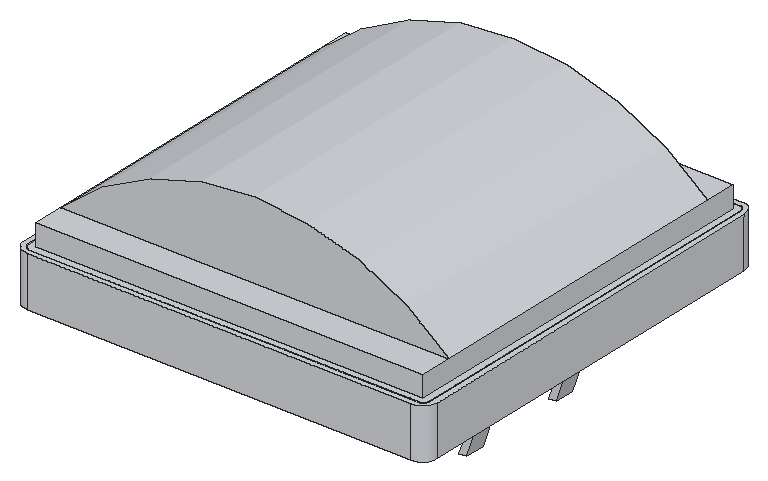
Revit family "Gira_537327", category Electrical Fixtures, host Face, Revit 2017
Family settings
  Host = Face
  Maintain Annotation Orientation = Yes
  Round Connector Dimension = Use Diameter
  Part Type = Normal
  Cut with Voids When Loaded = No
  Shared = No
  Room Calculation Point = No
Parameters (values of type "S3000 motion detec.top 1.10 m Standard System 55 p.white m")
  URL = "http://katalog.gira.de/en/datenblatt.html?artikelnr=537327"
  Name = "S3000 motion detec.top 1.10 m Standard System 55 p.white m"
  Model = "Movement sensor"
  Manufacturer URL = "https://www.gira.de/"
  Manufacturer = "Gira"
  Keynote = ""
  HeinzeBIM = "https://bimportal.heinze.de/bim/s3000-motion-detec-top-1-10-m-standard-system-55-p-white-m/0029f8267e7f32f1215f19380327ee9e9fef9e9a"
  HAN = "537327"
  GTIN = "4010337049821"
  Description = "S3000 mot.det.top 1.10m Std Sys55 PWm,System 3000 motion detector top unit 1.10 m Standard,System 55,pure white matt,Features:,- Automatic switching of lighting, depending on the movement of heat and ambient brightness.,- Operation with System 3000 switching or dimming insert or 3-wire auxiliary insert.,- Expansion of the detection range in combination with the 3-wire auxiliary insert.,- Adjustable brightness threshold.,- Sensitivity adjustable in four steps.,- When connecting a System 3000 auxiliary insert with an operating top unit or mechanical button to the main unit, the lighting can be switched on or dimmed for the duration of the delay time.,With System 3000 dimming insert:,- Switch on with the last brightness set, or a saved switch-on brightness.,- The switch-on brightness can only be saved permanently via the System 3000 auxiliary insert with operating top unit.,,Notes :,- The detection range is aligned horizontally and when used outdoors may fail to identify a boundary. When installing outdoors, find an appropriate location or use the 2.20 m motion detector top unit."
  Default Elevation = 1219.2 mm
  Data sheet (1) = "https://katalog.gira.de/en/download.html?artikelnr=537327"
  Category = "Sensor element for movement sensor"
  BIM (1) = "https://media.stage.bim.site/public/gira/36a6b08/Bewegungsmelder_1,10m.rfa"
  Available = "No"
Reference planes
  plane 1 "Center (Front/Back)": y = 0
  plane 2: z = 0
  plane 3 "Center (Left/Right)": x = 0
Forms (mm)
  Extrusion 1, solid, detail levels fine
    sketch origin (0, 0, 0) x (1, 0, 0) y (0, 0, 1)
      loop
        line (-33.025, 12.126) -> (33.025, 12.126)
        arc (33.025, 12.126) -> (0, 25.3) -> (-33.025, 12.126) r 47.982
    from -27.6 to 27.6
  Extrusion 2, solid, detail levels fine
    sketch origin (0, 0, 0) x (1, 0, 0) y (0, 1, 0)
      loop
        line (33.025, 33.025) -> (-33.025, 33.025) -> (-33.025, -33.025) -> (33.025, -33.025) -> (33.025, 33.025)
    from 8.55 to 12.126
  Extrusion 3, solid, detail levels fine
    sketch origin (0, 0, 0) x (1, 0, 0) y (0, 1, 0)
      loop
        spline (-32.7, 35.2) -> (-33.027, 35.179) -> (-33.347, 35.115) -> (-33.657, 35.01) -> (-33.95, 34.865) -> (-34.222, 34.683) -> (-34.468, 34.468) -> (-34.683, 34.222) -> (-34.865, 33.95) -> (-35.01, 33.657) -> (-35.115, 33.347) -> (-35.179, 33.027) -> (-35.2, 32.7)
        line (-35.2, 32.7) -> (-35.2, -32.7)
        spline (-35.2, -32.7) -> (-35.179, -33.027) -> (-35.115, -33.347) -> (-35.01, -33.657) -> (-34.865, -33.95) -> (-34.683, -34.222) -> (-34.468, -34.468) -> (-34.222, -34.683) -> (-33.95, -34.865) -> (-33.657, -35.01) -> (-33.347, -35.115) -> (-33.027, -35.179) -> (-32.7, -35.2)
        line (-32.7, -35.2) -> (32.7, -35.2)
        spline (32.7, -35.2) -> (33.027, -35.179) -> (33.347, -35.115) -> (33.657, -35.01) -> (33.95, -34.865) -> (34.222, -34.683) -> (34.468, -34.468) -> (34.683, -34.222) -> (34.865, -33.95) -> (35.01, -33.657) -> (35.115, -33.347) -> (35.179, -33.027) -> (35.2, -32.7)
        line (35.2, -32.7) -> (35.2, 32.7)
        spline (35.2, 32.7) -> (35.179, 33.027) -> (35.115, 33.347) -> (35.01, 33.657) -> (34.865, 33.95) -> (34.683, 34.222) -> (34.468, 34.468) -> (34.222, 34.683) -> (33.95, 34.865) -> (33.657, 35.01) -> (33.347, 35.115) -> (33.027, 35.179) -> (32.7, 35.2)
        line (32.7, 35.2) -> (-32.7, 35.2)
      loop
        line (-34.2, 33.2) -> (-34.2, -33.2)
        spline (-34.2, -33.2) -> (-34.191, -33.331) -> (-34.166, -33.459) -> (-34.124, -33.583) -> (-34.066, -33.7) -> (-33.993, -33.809) -> (-33.907, -33.907) -> (-33.809, -33.993) -> (-33.7, -34.066) -> (-33.583, -34.124) -> (-33.459, -34.166) -> (-33.331, -34.191) -> (-33.2, -34.2)
        line (-33.2, -34.2) -> (33.2, -34.2)
        spline (33.2, -34.2) -> (33.331, -34.191) -> (33.459, -34.166) -> (33.583, -34.124) -> (33.7, -34.066) -> (33.809, -33.993) -> (33.907, -33.907) -> (33.993, -33.809) -> (34.066, -33.7) -> (34.124, -33.583) -> (34.166, -33.459) -> (34.191, -33.331) -> (34.2, -33.2)
        line (34.2, -33.2) -> (34.2, 33.2)
        spline (34.2, 33.2) -> (34.191, 33.331) -> (34.166, 33.459) -> (34.124, 33.583) -> (34.066, 33.7) -> (33.993, 33.809) -> (33.907, 33.907) -> (33.809, 33.993) -> (33.7, 34.066) -> (33.583, 34.124) -> (33.459, 34.166) -> (33.331, 34.191) -> (33.2, 34.2)
        line (33.2, 34.2) -> (-33.2, 34.2)
        spline (-33.2, 34.2) -> (-33.331, 34.191) -> (-33.459, 34.166) -> (-33.583, 34.124) -> (-33.7, 34.066) -> (-33.809, 33.993) -> (-33.907, 33.907) -> (-33.993, 33.809) -> (-34.066, 33.7) -> (-34.124, 33.583) -> (-34.166, 33.459) -> (-34.191, 33.331) -> (-34.2, 33.2)
    from 0 to 8.55
  Extrusion 4, solid, detail levels fine
    sketch origin (0, 0, 0) x (1, 0, 0) y (0, 1, 0)
      loop
        line (-34.2, 33.2) -> (-34.2, -33.2)
        spline (-34.2, -33.2) -> (-34.191, -33.331) -> (-34.166, -33.459) -> (-34.124, -33.583) -> (-34.066, -33.7) -> (-33.993, -33.809) -> (-33.907, -33.907) -> (-33.809, -33.993) -> (-33.7, -34.066) -> (-33.583, -34.124) -> (-33.459, -34.166) -> (-33.331, -34.191) -> (-33.2, -34.2)
        line (-33.2, -34.2) -> (33.2, -34.2)
        spline (33.2, -34.2) -> (33.331, -34.191) -> (33.459, -34.166) -> (33.583, -34.124) -> (33.7, -34.066) -> (33.809, -33.993) -> (33.907, -33.907) -> (33.993, -33.809) -> (34.066, -33.7) -> (34.124, -33.583) -> (34.166, -33.459) -> (34.191, -33.331) -> (34.2, -33.2)
        line (34.2, -33.2) -> (34.2, 33.2)
        spline (34.2, 33.2) -> (34.191, 33.331) -> (34.166, 33.459) -> (34.124, 33.583) -> (34.066, 33.7) -> (33.993, 33.809) -> (33.907, 33.907) -> (33.809, 33.993) -> (33.7, 34.066) -> (33.583, 34.124) -> (33.459, 34.166) -> (33.331, 34.191) -> (33.2, 34.2)
        line (33.2, 34.2) -> (-33.2, 34.2)
        spline (-33.2, 34.2) -> (-33.331, 34.191) -> (-33.459, 34.166) -> (-33.583, 34.124) -> (-33.7, 34.066) -> (-33.809, 33.993) -> (-33.907, 33.907) -> (-33.993, 33.809) -> (-34.066, 33.7) -> (-34.124, 33.583) -> (-34.166, 33.459) -> (-34.191, 33.331) -> (-34.2, 33.2)
    from 6.175 to 8.55
  Extrusion 5, solid, detail levels fine
    sketch origin (0, 0, 0) x (1, 0, 0) y (0, 1, 0)
      loop
        spline (-27.7, -27.1) -> (-27.696, -27.165) -> (-27.683, -27.229) -> (-27.662, -27.291) -> (-27.633, -27.35) -> (-27.597, -27.404) -> (-27.554, -27.454) -> (-27.504, -27.497) -> (-27.45, -27.533) -> (-27.391, -27.562) -> (-27.329, -27.583) -> (-27.265, -27.596) -> (-27.2, -27.6)
        line (-27.2, -27.6) -> (27.2, -27.6)
        spline (27.2, -27.6) -> (27.265, -27.596) -> (27.329, -27.583) -> (27.391, -27.562) -> (27.45, -27.533) -> (27.504, -27.497) -> (27.554, -27.454) -> (27.597, -27.404) -> (27.633, -27.35) -> (27.662, -27.291) -> (27.683, -27.229) -> (27.696, -27.165) -> (27.7, -27.1)
        line (27.7, -27.1) -> (27.7, 27.1)
        spline (27.7, 27.1) -> (27.696, 27.165) -> (27.683, 27.229) -> (27.662, 27.291) -> (27.633, 27.35) -> (27.597, 27.404) -> (27.554, 27.454) -> (27.504, 27.497) -> (27.45, 27.533) -> (27.391, 27.562) -> (27.329, 27.583) -> (27.265, 27.596) -> (27.2, 27.6)
        line (27.2, 27.6) -> (-27.2, 27.6)
        spline (-27.2, 27.6) -> (-27.265, 27.596) -> (-27.329, 27.583) -> (-27.391, 27.562) -> (-27.45, 27.533) -> (-27.504, 27.497) -> (-27.554, 27.454) -> (-27.597, 27.404) -> (-27.633, 27.35) -> (-27.662, 27.291) -> (-27.683, 27.229) -> (-27.696, 27.165) -> (-27.7, 27.1)
        line (-27.7, 27.1) -> (-27.7, -27.1)
      loop
        line (26.9, 26.8) -> (-26.9, 26.8) -> (-26.9, -26.8) -> (26.9, -26.8) -> (26.9, 26.8)
    from 0 to 6.175
  Extrusion 6, solid, detail levels fine
    sketch origin (0, 0, 0) x (1, 0, 0) y (0, 1, 0)
      loop
        line (-15.4, -23.928) -> (15.4, -23.928)
        arc (15.4, -23.928) -> (21.43, -21.43) -> (23.928, -15.4) r 8.528
        line (23.928, -15.4) -> (23.928, 15.4)
        arc (23.928, 15.4) -> (21.43, 21.43) -> (15.4, 23.928) r 8.528
        line (15.4, 23.928) -> (-15.4, 23.928)
        arc (-15.4, 23.928) -> (-21.43, 21.43) -> (-23.928, 15.4) r 8.528
        line (-23.928, 15.4) -> (-23.928, -15.4)
        arc (-23.928, -15.4) -> (-21.43, -21.43) -> (-15.4, -23.928) r 8.528
    from -0.985 to 1.6
  Extrusion 7, solid, detail levels fine
    sketch origin (0, 0, 0) x (1, 0, 0) y (0, 1, 0)
      loop
        line (-26.35, 18.301) -> (-26.35, -18.801)
        spline (-26.35, -18.801) -> (-26.286, -19.78) -> (-26.095, -20.742) -> (-25.779, -21.671) -> (-25.345, -22.551) -> (-24.8, -23.366) -> (-24.154, -24.104) -> (-23.416, -24.75) -> (-22.601, -25.295) -> (-21.721, -25.729) -> (-20.792, -26.045) -> (-19.83, -26.236) -> (-18.851, -26.3)
        line (-18.851, -26.3) -> (18.851, -26.3)
        spline (18.851, -26.3) -> (19.83, -26.236) -> (20.792, -26.045) -> (21.721, -25.729) -> (22.601, -25.295) -> (23.416, -24.75) -> (24.154, -24.104) -> (24.8, -23.366) -> (25.345, -22.551) -> (25.779, -21.671) -> (26.094, -20.742) -> (26.286, -19.78) -> (26.35, -18.801)
        line (26.35, -18.801) -> (26.35, 18.301)
        spline (26.35, 18.301) -> (26.286, 19.28) -> (26.094, 20.242) -> (25.779, 21.171) -> (25.345, 22.051) -> (24.8, 22.866) -> (24.154, 23.604) -> (23.416, 24.25) -> (22.601, 24.795) -> (21.721, 25.229) -> (20.792, 25.545) -> (19.83, 25.736) -> (18.851, 25.8)
        line (18.851, 25.8) -> (-18.851, 25.8)
        spline (-18.851, 25.8) -> (-19.83, 25.736) -> (-20.792, 25.545) -> (-21.721, 25.229) -> (-22.601, 24.795) -> (-23.416, 24.25) -> (-24.154, 23.604) -> (-24.8, 22.866) -> (-25.345, 22.051) -> (-25.779, 21.171) -> (-26.095, 20.242) -> (-26.286, 19.28) -> (-26.35, 18.301)
    from 1.6 to 6.1
  Extrusion 8, solid, detail levels fine
    sketch origin (0, 0, 0) x (1, 0, 0) y (0, 0, 1)
      loop
        line (-23.048, -13.343) -> (-21.665, -13.513) -> (-24.338, -6.363) -> (-23.36, 1.6) -> (-25.023, 1.6) -> (-24.975, -1.121) -> (-25.39, -6.541) -> (-23.048, -13.343)
      loop
        line (23.048, -13.343) -> (25.39, -6.541) -> (24.975, -1.121) -> (25.023, 1.6) -> (23.36, 1.6) -> (24.338, -6.363) -> (21.665, -13.513) -> (23.048, -13.343)
    from 7.9 to 11.14
  Extrusion 9, solid, detail levels fine
    sketch origin (0, 0, 0) x (1, 0, 0) y (0, 0, -1)
      loop
        line (-23.048, 13.343) -> (-25.39, 6.541) -> (-24.975, 1.121) -> (-25.023, -1.6) -> (-23.36, -1.6) -> (-24.338, 6.363) -> (-21.665, 13.513) -> (-23.048, 13.343)
      loop
        line (23.048, 13.343) -> (21.665, 13.513) -> (24.338, 6.363) -> (23.36, -1.6) -> (25.023, -1.6) -> (24.975, 1.121) -> (25.39, 6.541) -> (23.048, 13.343)
    from 7.9 to 11.14
  Extrusion 10, solid, detail levels fine
    sketch origin (0, 0, 0) x (1, 0, 0) y (0, 1, 0)
      loop
        line (-5.141, 20.681) -> (-5.141, 15.099)
        spline (-5.141, 15.099) -> (-5.133, 14.968) -> (-5.107, 14.84) -> (-5.065, 14.716) -> (-5.007, 14.599) -> (-4.935, 14.49) -> (-4.849, 14.391) -> (-4.75, 14.305) -> (-4.641, 14.233) -> (-4.524, 14.175) -> (-4.4, 14.133) -> (-4.272, 14.107) -> (-4.141, 14.099)
        line (-4.141, 14.099) -> (4.141, 14.099)
        spline (4.141, 14.099) -> (4.272, 14.107) -> (4.4, 14.133) -> (4.524, 14.175) -> (4.641, 14.233) -> (4.75, 14.305) -> (4.849, 14.391) -> (4.935, 14.49) -> (5.007, 14.599) -> (5.065, 14.716) -> (5.107, 14.84) -> (5.133, 14.968) -> (5.141, 15.099)
        line (5.141, 15.099) -> (5.141, 20.681)
        spline (5.141, 20.681) -> (5.133, 20.812) -> (5.107, 20.94) -> (5.065, 21.064) -> (5.007, 21.181) -> (4.935, 21.29) -> (4.849, 21.389) -> (4.75, 21.475) -> (4.641, 21.547) -> (4.524, 21.605) -> (4.4, 21.647) -> (4.272, 21.673) -> (4.141, 21.681)
        line (4.141, 21.681) -> (-4.141, 21.681)
        spline (-4.141, 21.681) -> (-4.272, 21.673) -> (-4.4, 21.647) -> (-4.524, 21.605) -> (-4.641, 21.547) -> (-4.75, 21.475) -> (-4.849, 21.389) -> (-4.935, 21.29) -> (-5.007, 21.181) -> (-5.065, 21.064) -> (-5.107, 20.94) -> (-5.133, 20.812) -> (-5.141, 20.681)
    from -17.3 to -0.985
  Extrusion 11, solid, detail levels medium
    sketch origin (0, 0, 0) x (1, 0, 0) y (0, 1, 0)
      loop
        line (33.025, 33.025) -> (-33.025, 33.025) -> (-33.025, -33.025) -> (33.025, -33.025) -> (33.025, 33.025)
    from 8.55 to 25.3
  Extrusion 12, solid, detail levels medium
    sketch origin (0, 0, 0) x (1, 0, 0) y (0, 1, 0)
      loop
        line (-35.2, 35.2) -> (-35.2, -35.2) -> (35.2, -35.2) -> (35.2, 35.2) -> (-35.2, 35.2)
    from 0 to 8.55
  Extrusion 13, solid, detail levels medium
    sketch origin (0, 0, 0) x (1, 0, 0) y (0, 0, 1)
      loop
        line (-25.023, 1.6) -> (-25.023, -13.1) -> (-21.665, -13.513) -> (-21.665, 1.6) -> (-25.023, 1.6)
      loop
        line (25.023, 1.6) -> (21.665, 1.6) -> (21.665, -13.513) -> (25.023, -13.1) -> (25.023, 1.6)
    from 8 to 11.14
  Extrusion 14, solid, detail levels medium
    sketch origin (0, 0, 0) x (1, 0, 0) y (0, 0, -1)
      loop
        line (-25.023, -1.6) -> (-21.665, -1.6) -> (-21.665, 13.513) -> (-25.023, 13.1) -> (-25.023, -1.6)
      loop
        line (25.023, -1.6) -> (25.023, 13.1) -> (21.665, 13.513) -> (21.665, -1.6) -> (25.023, -1.6)
    from 8 to 11.14
  Extrusion 15, solid, detail levels medium
    sketch origin (0, 0, 0) x (1, 0, 0) y (0, 1, 0)
      loop
        line (-5.141, 21.681) -> (-5.141, 14.099) -> (5.141, 14.099) -> (5.141, 21.681) -> (-5.141, 21.681)
    from -17.3 to -0.985
  Extrusion 16, solid, detail levels coarse
    sketch origin (0, 0, 0) x (1, 0, 0) y (0, 1, 0)
      loop
        line (-35.2, 35.2) -> (-35.2, -35.2) -> (35.2, -35.2) -> (35.2, 35.2) -> (-35.2, 35.2)
    from -17.3 to 25.3
Dimensions and locks
  aligned and locked: plane 2 to host face
  aligned and locked: level to host face
  aligned and locked: nested 1 to plane 3 "Center (Left/Right)"
  aligned and locked: plane 1 "Center (Front/Back)" to nested 1
Nested families
  nested 1: "Belegungssensor - Bewegung - Aufputz - Beschriftung" at (0, 0, 0) x (0, -1, 0) z (0, 0, 1), type "Belegungssensor - Bewegung - Aufputz - Beschriftung"
Connectors
  electrical at (0, 0, -17.3)
    settings: on Extrusion 16, index 1, voltage 220 V, apparent load 0 VA, apparent load phase1 0 VA, apparent load phase2 0 VA, apparent load phase3 0 VA, power factor 1, load classification "Other", number of poles 1, system type 30, power factor state 1, is connector primary yes, connector utility no, sub classification motor no, connector description ""
Definition of nested family "Belegungssensor - Bewegung - Aufputz - Beschriftung"
  Reference planes
    plane 1: y = 0
    plane 2: x = 0
  Lines and regions (mm)
    Filled region 1, type "Gefüllter Bereich 1"
      outline origin (143.425, -20.712, 0) x (1, 0, 0) y (0, 1, 0)
        loop
          line (-148.697, 21.204) -> (-148.697, 20.409) -> (-147.583, 20.807) -> (-148.697, 21.204)
    Filled region 2, type "Gefüllter Bereich 1"
      outline origin (141.808, 30.001, 0) x (0.939693, 0.34202, 0) y (-0.34202, 0.939693, 0)
        loop
          line (-148.694, 21.203) -> (-148.694, 20.41) -> (-147.583, 20.807) -> (-148.694, 21.203)
    Filled region 3, type "Gefüllter Bereich 1"
      outline origin (141.819, -29.825, 0) x (-0.34202, -0.939693, 0) y (0.939693, -0.34202, 0)
        loop
          line (21.204, -148.697) -> (20.807, -147.583) -> (20.409, -148.697) -> (21.204, -148.697)
    detail lines
      curve 1: line (-1.207, 0.095, 0) -> (-3.486, 1.411, 0)
      curve 2: line (-1.207, 0.095, 0) -> (-3.486, -1.221, 0)
      curve 5: arc (-3.252, 1.752, 0) -> (-3.839, 0.095, 0) -> (-3.252, -1.562, 0) r 2.632
      curve 6: line (-6, 3, 0) -> (0, 3, 0)
      curve 7: line (-6, -3, 0) -> (-6, 3, 0)
      curve 8: line (0, -3, 0) -> (-6, -3, 0)
      curve 9: line (0, 3, 0) -> (0, -3, 0)
    reference lines
      curve 3: line (-1.207, 0.095, 0) -> (-3.616, 2.046, 0)
      curve 4: line (-1.207, 0.095, 0) -> (-3.616, -1.856, 0)
  Dimensions and locks
    curve 1 to curve 1 = 2.632 mm
    curve 2 to curve 2 = 2.632 mm
    curve 6 to curve 8 = 6 mm
    curve 7 to curve 9 = 6 mm
    angle curve 1 to curve 2 = 60.00°
    aligned and locked: curve 6 to curve 7
    aligned and locked: curve 9 to curve 9
